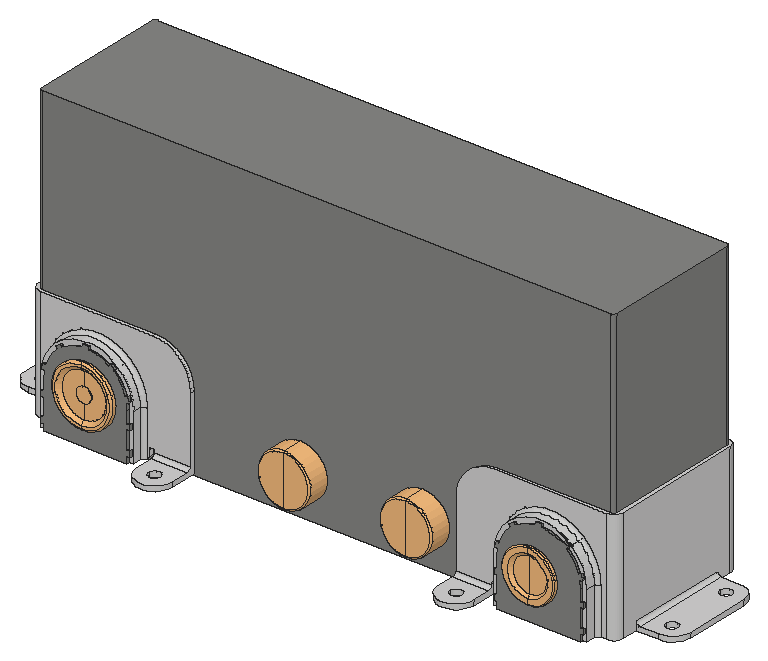
Revit family "Valve-Three_Outlet_Thermostatic-KOHLER-K-26341IN_1", category Plumbing Fixtures, host Face, Revit 2017 (continued)
Definition of nested family "K-26341IN"
  Automatic sketch dimensions
    curve 143 to curve 145 = 0"  (x2)
    curve 143 to curve 146 = 0"  (x2)
    curve 143 to curve 147 = 0"  (x2)
    curve 143 to curve 148 = 0"  (x2)
    curve 143 to curve 149 = 0"  (x2)
    curve 143 to curve 150 = 0"  (x2)
    curve 144 to curve 145 = 0"  (x2)
    curve 144 to curve 146 = 0"  (x2)
    curve 144 to curve 147 = 0"  (x2)
    curve 144 to curve 148 = 0"  (x2)
    curve 144 to curve 149 = 0"  (x2)
    curve 144 to curve 150 = 0"  (x2)
    curve 145 to curve 146 = 0"  (x2)
    curve 145 to curve 147 = 0"  (x2)
    curve 145 to curve 148 = 0"  (x2)
    curve 145 to curve 149 = 0"  (x2)
    curve 145 to curve 150 = 0"  (x2)
    curve 146 to curve 147 = 0"  (x2)
    curve 146 to curve 148 = 0"  (x2)
    curve 146 to curve 149 = 0"  (x2)
    curve 146 to curve 150 = 0"  (x2)
    curve 147 to curve 148 = 0"  (x2)
    curve 147 to curve 149 = 0"  (x2)
    curve 147 to curve 150 = 0"  (x2)
    curve 148 to curve 149 = 0"  (x2)
    curve 148 to curve 150 = 0"  (x2)
    curve 149 to curve 150 = 0"  (x2)
    curve 204 to curve 205 = 0"  (x2)
    curve 204 to curve 206 = 0"  (x2)
    curve 204 to curve 207 = 0"  (x2)
    curve 205 to curve 206 = 0"  (x2)
    curve 205 to curve 207 = 0"  (x2)
    curve 206 to curve 207 = 0"  (x2)
    curve 212 to curve 213 = 0"  (x2)
    curve 212 to curve 214 = 0"  (x2)
    curve 212 to curve 215 = 0"  (x2)
    curve 213 to curve 214 = 0"  (x2)
    curve 213 to curve 215 = 0"  (x2)
    curve 214 to curve 215 = 0"  (x2)
    curve 49 to plane 10 = 0"
    curve 40 to level = 0"
    curve 38 to plane 9 "1" = 0"
    curve 75 to level = 0"
    plane 20 to curve 215 = 0"
    curve 207 to plane 11 "A" = 0"
    plane 18 "3" to curve 207 = 0"
    curve 140 to plane 10 = 0"
    curve 132 to level = 0"
    plane 8 "2" to curve 149 = 0"
    curve 97 to level = 0"
    curve 146 to plane 11 "A" = 0"
    curve 214 to plane 11 "A" = 0"
    curve 33 to plane 10 = 0"
    curve 58 to plane 9 "1" = 0.04432"
    curve 56 to curve 58 = 0.43249"
    curve 55 to curve 56 = 0.03644"
    curve 54 to curve 56 = 0.09307"
    curve 55 to curve 53 = 0.03644"
    plane 10 to curve 51 = 0.26874"
    curve 51 to curve 54 = 0.24912"
    plane 10 to curve 52 = 0.15414"
    curve 52 to curve 51 = 0.02857"
    level to curve 40 = 0.1378"
    curve 40 to plane 9 "1" = 0.86125"
    curve 44 to curve 40 = 0"
    curve 47 to curve 44 = 0"
    plane 10 to curve 50 = 0.28306"
    curve 50 to curve 53 = 0.05742"
    curve 45 to curve 44 = 0.05906"
    curve 43 to curve 43 = 0.05906"
    plane 10 to curve 70 = 0.00264"
    curve 70 to curve 48 = 0.09843"
    plane 10 to curve 71 = 0.00659"
    curve 71 to curve 70 = 0.07874"
    plane 4 to curve 21 = 0.84646"
    curve 73 to curve 49 = 0"
    curve 72 to curve 73 = 0"
    plane 9 "1" to curve 60 = 0.07379"
    curve 61 to curve 63 = 0.43249"
    curve 61 to curve 63 = 0.03644"
    curve 61 to curve 64 = 0.09307"
    curve 65 to curve 64 = 0.03644"
    plane 10 to curve 68 = 0.26874"
    curve 68 to curve 73 = 0.14067"
    plane 10 to curve 66 = 0.15414"
    curve 65 to curve 66 = 0.02857"
    curve 75 to curve 84 = 0.09843"
    curve 78 to curve 75 = 0"
    plane 10 to curve 67 = 0.28306"
    curve 65 to curve 67 = 0.05742"
    curve 75 to curve 76 = 0.05906"
    curve 82 to curve 82 = 0.05906"
    curve 30 to curve 85 = 0.00197"
    curve 27 to curve 26 = 0.05118"
    curve 24 to curve 24 = 0.05906"
    curve 22 to plane 14 = 0.41339"
    level to curve 28 = 0.01969"
    plane 14 to curve 28 = 0.37402"
    plane 20 to curve 199 = 0.55703"
    curve 200 to curve 196 = 0.01718"
    curve 200 to plane 3 "Center (Left/Right)" = 0.01569"
    curve 199 to curve 197 = 0.01718"
    level to curve 93 = 0.01969"
    plane 17 to curve 93 = 0.37401"
    curve 90 to plane 17 = 0.37402"
    curve 86 to plane 17 = 0.41339"
    curve 89 to curve 89 = 0.05906"
    plane 10 to curve 142 = 0.00659"
    curve 142 to plane 17 = 0.54135"
    curve 142 to curve 95 = 0.00197"
    plane 10 to curve 141 = 0.00264"
    curve 129 to curve 141 = 0.07874"
    curve 130 to curve 139 = 0.03937"
    curve 141 to curve 133 = 0.03937"
    plane 10 to curve 124 = 0.16845"
    curve 130 to curve 124 = 7/128"
    plane 10 to curve 125 = 0.28306"
    curve 123 to curve 125 = 0.02857"
    curve 134 to curve 135 = 0.05906"
    curve 133 to curve 133 = 0.05906"
    curve 130 to curve 140 = 0.09843"
    level to curve 123 = 1.13839"
    plane 10 to curve 125 = 0.26874"
    plane 8 "2" to curve 119 = 0.44389"
    curve 119 to curve 121 = 0.03644"
    curve 119 to curve 120 = 0.09307"
    curve 119 to curve 120 = 0.03644"
    curve 117 to plane 8 "2" = 0.11811"
    curve 129 to curve 106 = 0"
    curve 130 to curve 106 = 0"
    curve 116 to curve 116 = 0.11811"
    curve 114 to curve 113 = 0.43249"
    curve 114 to curve 112 = 0.03644"
    curve 114 to curve 111 = 0.09307"
    curve 110 to curve 111 = 0.03644"
    plane 10 to curve 108 = 0.26874"
    curve 108 to curve 130 = 0.14067"
    plane 10 to curve 109 = 0.15414"
    curve 110 to curve 109 = 0.02857"
    curve 100 to curve 127 = 0.09843"
    curve 100 to curve 97 = 0"
    plane 10 to curve 107 = 0.28306"
    curve 110 to curve 107 = 0.05742"
    curve 101 to curve 102 = 0.05906"
    curve 97 to curve 99 = 0.05906"
    plane 19 to curve 86 = 0.84646"
    level to curve 95 = 0.01969"
    level to curve 30 = 0.01969"
    curve 84 to curve 76 = 0.11811"
    curve 95 to curve 132 = 0.11811"
    curve 97 to curve 98 = 0.1378"
    curve 26 to curve 24 = 0.14564"
    curve 91 to curve 91 = 0.14564"
    curve 75 to curve 78 = 0.11811"
    curve 41 to curve 42 = 0.11811"
    curve 133 to curve 134 = 0.11811"
    curve 98 to curve 99 = 0.11811"
    plane 11 "A" to curve 137 = 0.25591"
    plane 11 "A" to curve 45 = 0.25591"
    plane 11 "A" to curve 80 = 0.25591"
    plane 11 "A" to curve 103 = 0.25591"
    curve 80 to curve 82 = 0.11811"
    curve 102 to curve 103 = 0.11811"
    curve 136 to curve 140 = 0.11811"
    curve 44 to curve 48 = 0.11811"
    plane 10 to curve 88 = 0.61024"
    plane 10 to curve 23 = 0.61024"
    curve 110 to curve 112 = 0.04664"
    curve 65 to curve 62 = 0.04664"
    curve 121 to curve 119 = 0.04664"
    curve 53 to curve 54 = 0.04664"
    curve 114 to curve 115 = 0.05918"
    curve 57 to curve 58 = 0.05918"
    plane 10 to curve 199 = 2.24135"
    curve 198 to curve 200 = 0.38428"
    curve 199 to curve 194 = 0.47517"
    curve 200 to curve 195 = 0.47517"
    curve 194 to curve 197 = 1.1811"
    curve 195 to curve 194 = 1.1811"
    curve 151 to plane 7 = 0.37402"
    plane 4 to curve 151 = 0.94488"
    level to curve 31 = 0.01969"
    curve 31 to curve 74 = 0.32315"
    plane 3 "Center (Left/Right)" to curve 198 = 0.00149"
    plane 19 to curve 151 = 0.94488"
    level to curve 96 = 0.01969"
    curve 131 to curve 96 = 0.32315"
    curve 88 to curve 94 = 0.09843"
    curve 29 to curve 25 = 0.09839"
    level to curve 207 = 0.33465"
    level to curve 212 = 0.33465"
    level to curve 150 = 0.33465"
    level to curve 36 = 0.34445"
    curve 143 to curve 144 = 0.01969"
    curve 204 to curve 206 = 0.02833"
    curve 212 to curve 213 = 0.02833"
    curve 35 to curve 34 = 0.03942"
    curve 37 to curve 38 = 0.05704"
    curve 144 to curve 145 = 0.11308"
    curve 33 to curve 39 = 0.07881"
    curve 145 to curve 146 = 0.05913"
    plane 15 to Extrusion 1 sketch curve = 0"
    Extrusion 1 sketch curve to plane 16 = 0"
    plane 15 to Extrusion 1 sketch curve = 0.07874"  (x2)
    plane 4 to Extrusion 1 sketch curve = 0.94488"
    Extrusion 1 sketch curve to Extrusion 1 sketch curve = 0.07874"  (x2)
    plane 19 to Extrusion 1 sketch curve = 1.02362"
    plane 4 to Extrusion 2 sketch curve = 0.84646"
    level to Extrusion 2 sketch curve = 0.01969"  (x4)
    Extrusion 2 sketch curve to plane 14 = 0.54331"
    Extrusion 2 sketch curve to Extrusion 2 sketch curve = 0.05118"  (x2)
    Extrusion 2 sketch curve to Extrusion 2 sketch curve = 0.05906"  (x2)
    Extrusion 2 sketch curve to plane 14 = 0.41339"
    plane 14 to Extrusion 2 sketch curve = 0.37402"
    plane 17 to Extrusion 2 sketch curve = 0.37401"
    Extrusion 2 sketch curve to plane 17 = 0.37402"
    Extrusion 2 sketch curve to plane 17 = 0.41339"
    plane 19 to Extrusion 2 sketch curve = 0.84646"
    Extrusion 2 sketch curve to Extrusion 2 sketch curve = 0.14564"  (x2)
    plane 10 to Extrusion 2 sketch curve = 0.61024"  (x2)
    Sweep 3 sketch curve to profile plane = 0"  (x2)
    Sweep 3 sketch curve to profile plane = 0.19685"
    Sweep 4 sketch curve to profile plane = 0"  (x2)
    Sweep 4 sketch curve to profile plane = 0.19685"
    profile plane to Sweep 5 sketch curve = 0"
    Sweep 5 sketch curve to profile plane = 0"
    Sweep 5 sketch curve to Sweep 5 sketch curve = 0.19685"
    profile plane to Sweep 6 sketch curve = 0"
    Sweep 6 sketch curve to profile plane = 0"
    Sweep 6 sketch curve to profile plane = 0.19685"
    Extrusion 7 sketch curve to Extrusion 7 sketch curve = 0"  (x12)
    Extrusion 7 sketch curve to plane 4 = 0"
    Extrusion 7 sketch curve to plane 14 = 0"  (x2)
    Extrusion 7 sketch curve to plane 19 = 0"
    plane 4 to Extrusion 7 sketch curve = 0.37402"  (x2)
    Extrusion 7 sketch curve to Extrusion 7 sketch curve = 0.47244"
    Extrusion 7 sketch curve to plane 15 = 0.07874"  (x2)
    Extrusion 7 sketch curve to plane 14 = 0.37401"  (x2)
    Extrusion 7 sketch curve to plane 16 = 0.07874"  (x2)
    plane 17 to Extrusion 7 sketch curve = 0.374"  (x2)
    Extrusion 7 sketch curve to plane 17 = 0"  (x2)
    plane 15 to Extrusion 7 sketch curve = 0.45276"
    plane 19 to Extrusion 7 sketch curve = 0.84646"
    plane 19 to Extrusion 7 sketch curve = 0.37402"  (x2)
    plane 13 to Extrusion 7 sketch curve = 0.07874"  (x2)
    plane 16 to Extrusion 7 sketch curve = 0.45276"  (x2)
    Extrusion 7 sketch curve to Extrusion 7 sketch curve = 0.01969"  (x4)
    Extrusion 7 sketch curve to plane 1 "Center (Front/Back)" = 0.68898"
    plane 12 to Extrusion 7 sketch curve = 0.07874"  (x2)
    level to Extrusion 8 sketch curve = 0.01969"  (x2)
    Extrusion 8 sketch curve to plane 9 "1" = 0.95968"
    plane 10 to Extrusion 8 sketch curve = 0.00264"
    plane 9 "1" to Extrusion 8 sketch curve = 0.01473"
    plane 10 to Extrusion 8 sketch curve = 0.00659"
    Extrusion 8 sketch curve to plane 17 = 0.62009"
    Extrusion 8 sketch curve to plane 8 "2" = 0.17717"
    Extrusion 9 sketch curve to Extrusion 9 sketch curve = 0"  (x66)
    Extrusion 9 sketch curve to level = 0"  (x2)
    Extrusion 9 sketch curve to plane 10 = 0"  (x3)
    Extrusion 9 sketch curve to plane 9 "1" = 0"
    plane 8 "2" to Extrusion 9 sketch curve = 0"
    Extrusion 9 sketch curve to plane 11 "A" = 0"
    Extrusion 9 sketch curve to plane 9 "1" = 0.04432"
    Extrusion 9 sketch curve to Extrusion 9 sketch curve = 0.43249"  (x3)
    Extrusion 9 sketch curve to Extrusion 9 sketch curve = 0.03644"  (x8)
    Extrusion 9 sketch curve to Extrusion 9 sketch curve = 0.09307"  (x4)
    plane 10 to Extrusion 9 sketch curve = 0.26874"  (x4)
    Extrusion 9 sketch curve to Extrusion 9 sketch curve = 0.24912"  (x3)
    plane 10 to Extrusion 9 sketch curve = 0.15414"  (x3)
    Extrusion 9 sketch curve to Extrusion 9 sketch curve = 0.02857"  (x4)
    Extrusion 9 sketch curve to Extrusion 9 sketch curve = 0.01367"
    plane 10 to Extrusion 9 sketch curve = 0.28306"  (x4)
    Extrusion 9 sketch curve to Extrusion 9 sketch curve = 0.05742"  (x3)
    Extrusion 9 sketch curve to Extrusion 9 sketch curve = 0.05906"  (x9)
    plane 9 "1" to Extrusion 9 sketch curve = 0.07379"
    Extrusion 9 sketch curve to plane 14 = 0.7185"
    plane 11 "A" to Extrusion 9 sketch curve = 0.1378"
    Extrusion 9 sketch curve to plane 17 = 0.65946"
    plane 10 to Extrusion 9 sketch curve = 0.16845"
    Extrusion 9 sketch curve to Extrusion 9 sketch curve = 0.0153"
    level to Extrusion 9 sketch curve = 1.13839"
    plane 8 "2" to Extrusion 9 sketch curve = 0.44389"
    Extrusion 9 sketch curve to plane 8 "2" = 0.11811"
    Extrusion 9 sketch curve to Extrusion 9 sketch curve = 0.11811"  (x9)
    Extrusion 9 sketch curve to Extrusion 9 sketch curve = 0.1378"  (x3)
    level to Extrusion 9 sketch curve = 0.1378"
    plane 11 "A" to Extrusion 9 sketch curve = 0.25591"  (x3)
    Extrusion 9 sketch curve to Extrusion 9 sketch curve = 0.04664"  (x4)
    Extrusion 9 sketch curve to Extrusion 9 sketch curve = 0.05918"  (x2)
    Revolve 10 sketch curve to plane 10 = 0"  (x3)
    Revolve 10 sketch curve to plane 13 = 0"
    Revolve 10 sketch curve to plane 12 = 0"
    Revolve 10 sketch curve to plane 15 = 0"
    Revolve 10 sketch curve to plane 16 = 0"
    Revolve 10 sketch curve to plane 12 = 0.07881"
    plane 10 to Revolve 10 sketch curve = 0.46454"  (x2)
    Revolve 10 sketch curve to plane 13 = 0.07881"
    Revolve 10 sketch curve to Revolve 10 sketch curve = 0.07881"  (x2)
    Revolve 10 sketch curve to Revolve 10 sketch curve = 0.05704"  (x2)
    Revolve 10 sketch curve to Revolve 10 sketch curve = 0.03942"
    Revolve 10 sketch curve to Revolve 10 sketch curve = 0.17527"
    Revolve 10 sketch curve to plane 12 = 0.03942"
    Revolve 10 sketch curve to plane 13 = 0.03942"
    plane 5 to Revolve 10 sketch curve = 0.19685"
    Revolve 10 sketch curve to Revolve 10 sketch curve = 0.07874"
    plane 11 "A" to Revolve 11 sketch curve = 0"  (x3)
    Revolve 11 sketch curve to plane 13 = 0.07881"
    plane 10 to Revolve 11 sketch curve = 0.26086"  (x2)
    Revolve 11 sketch curve to plane 12 = 0.07881"
    Revolve 11 sketch curve to plane 12 = 0.01969"
    Revolve 11 sketch curve to Revolve 11 sketch curve = 0.05913"  (x2)
    Revolve 11 sketch curve to plane 13 = 0.01969"
    Revolve 11 sketch curve to Revolve 11 sketch curve = 0.11308"  (x2)
    Revolve 11 sketch curve to plane 13 = 0.04488"
    Revolve 11 sketch curve to Revolve 11 sketch curve = 0.01969"  (x2)
    Revolve 11 sketch curve to Revolve 11 sketch curve = 0.0252"
    Revolve 11 sketch curve to plane 15 = 0.09843"
    Revolve 11 sketch curve to plane 16 = 0.09843"
    plane 5 to Revolve 11 sketch curve = 0.32325"
    Revolve 11 sketch curve to plane 6 = 0.16487"
    profile plane to Sweep 12 sketch curve = 0"
    Sweep 12 sketch curve to profile plane = 0"
    Sweep 12 sketch curve to Sweep 12 sketch curve = 0.07874"
    Sweep 13 sketch curve to profile plane = 0"
    profile plane to Sweep 13 sketch curve = 0"
    profile plane to Sweep 13 sketch curve = 0.07874"
    profile plane to Sweep 14 sketch curve = 0"
    Sweep 14 sketch curve to profile plane = 0"
    Sweep 14 sketch curve to Sweep 14 sketch curve = 0.07874"
    Extrusion 15 sketch curve to plane 16 = 0.15748"
    Extrusion 15 sketch curve to Extrusion 15 sketch curve = 0.07874"  (x2)
    Extrusion 15 sketch curve to plane 15 = 0.07874"
    level to Extrusion 15 sketch curve = 0.11811"  (x2)
    Extrusion 16 sketch curve to plane 16 = 0.15748"
    Extrusion 16 sketch curve to Extrusion 16 sketch curve = 0.07874"  (x2)
    Extrusion 16 sketch curve to plane 15 = 0.07874"
    level to Extrusion 16 sketch curve = 0.11811"  (x2)
    plane 15 to Masking region 1 sketch curve = 0.11811"  (x2)
    Masking region 1 sketch curve to plane 15 = 0.07874"
    Masking region 1 sketch curve to plane 16 = 0.07874"
    Masking region 1 sketch curve to Masking region 1 sketch curve = 0.19685"
    Masking region 1 sketch curve to Masking region 1 sketch curve = 5.93504"  (x2)
    Masking region 2 sketch curve to plane 4 = 0"
    Masking region 2 sketch curve to level = 0"
    Masking region 2 sketch curve to plane 7 = 0"
    plane 19 to Masking region 2 sketch curve = 0"
    level to Masking region 2 sketch curve = 0.11811"  (x2)
    plane 4 to Masking region 2 sketch curve = 0.76772"
    plane 4 to Masking region 2 sketch curve = 0.84646"
    level to Masking region 2 sketch curve = 0.01969"  (x2)
    Masking region 2 sketch curve to Masking region 2 sketch curve = 0.15104"
    Masking region 2 sketch curve to Masking region 2 sketch curve = 0.02612"  (x2)
    plane 4 to Masking region 2 sketch curve = 0.94488"
    plane 19 to Masking region 2 sketch curve = 0.94488"  (x2)
    Masking region 2 sketch curve to Masking region 2 sketch curve = 0.0723"
    Masking region 2 sketch curve to Masking region 2 sketch curve = 0.07874"
    plane 10 to Masking region 2 sketch curve = 1.39764"  (x2)
    Masking region 3 sketch curve to plane 7 = 0"
    Masking region 3 sketch curve to plane 15 = 0"
    Masking region 3 sketch curve to plane 16 = 0"
    Masking region 3 sketch curve to plane 12 = 0"
    Masking region 3 sketch curve to plane 13 = 0"
    Masking region 3 sketch curve to plane 5 = 0"
    Masking region 3 sketch curve to plane 6 = 0"
    Masking region 3 sketch curve to level = 0"
    Masking region 3 sketch curve to plane 15 = 0.07874"
    plane 10 to Masking region 3 sketch curve = 1.39764"  (x2)
    Masking region 3 sketch curve to Masking region 3 sketch curve = 0.33789"  (x2)
    Masking region 3 sketch curve to plane 16 = 0.07874"
    Masking region 3 sketch curve to Masking region 3 sketch curve = 0.07874"  (x3)
    Masking region 3 sketch curve to Masking region 3 sketch curve = 0.04783"  (x2)
    Masking region 3 sketch curve to plane 12 = 0.05906"
    Masking region 3 sketch curve to Masking region 3 sketch curve = 0.27373"
    Masking region 3 sketch curve to plane 13 = 0.09843"
    Masking region 3 sketch curve to Masking region 3 sketch curve = 0.29337"
    Masking region 3 sketch curve to Masking region 3 sketch curve = 0.05906"
    Masking region 3 sketch curve to Masking region 3 sketch curve = 0.03942"
    level to Masking region 3 sketch curve = 0.38387"  (x2)
    Masking region 3 sketch curve to plane 12 = 0.01969"
    Masking region 3 sketch curve to Masking region 3 sketch curve = 0.02954"
    Masking region 3 sketch curve to plane 13 = 0.04488"
    Masking region 3 sketch curve to Masking region 3 sketch curve = 0.04922"
    Masking region 3 sketch curve to Masking region 3 sketch curve = 0.03076"
    Masking region 3 sketch curve to Masking region 3 sketch curve = 0.11811"
    level to Masking region 3 sketch curve = 0.11811"
    level to Masking region 3 sketch curve = 0.01969"  (x2)
    Masking region 3 sketch curve to plane 12 = 0.03293"
    Masking region 3 sketch curve to Masking region 3 sketch curve = 0.02612"  (x2)
    Masking region 3 sketch curve to Masking region 3 sketch curve = 0.03937"  (x2)
    Masking region 3 sketch curve to Masking region 3 sketch curve = 0.05354"
    Masking region 3 sketch curve to plane 13 = 0.05906"
    Masking region 3 sketch curve to plane 13 = 0.03942"
    curve 173 to plane 16 = 0"
    curve 173 to plane 15 = 0"
    curve 191 to plane 13 = 0"
    curve 172 to plane 12 = 0"
    curve 178 to plane 1 "Center (Front/Back)" = 0"
    curve 177 to level = 0"
    curve 179 to level = 0"
    curve 158 to level = 0"
    curve 160 to level = 0"
    curve 160 to plane 15 = 0"
    curve 179 to plane 16 = 0"
    level to curve 159 = 0.01969"
    curve 208 to curve 208 = 0.1381"
    curve 155 to curve 155 = 0.13977"
    curve 191 to plane 13 = 0.03942"
    curve 191 to curve 176 = 0.32476"
    curve 152 to plane 15 = 0.07874"
    plane 10 to curve 152 = 1.39764"
    curve 157 to plane 12 = 0.1378"
    plane 15 to curve 208 = 0.32889"
    curve 208 to curve 209 = 0.06193"
    plane 16 to curve 155 = 0.45276"
    curve 155 to curve 211 = 0.06314"
    curve 175 to plane 16 = 0.07874"
    curve 176 to plane 13 = 0.1378"
    level to curve 174 = 0.01969"
    curve 192 to curve 177 = 0.01969"
    curve 155 to curve 154 = 0.04134"
    curve 161 to curve 157 = 0.11811"
    curve 180 to curve 192 = 0.11811"
    curve 193 to curve 181 = 0.08854"
    curve 162 to plane 12 = 0.05906"
    curve 162 to curve 161 = 0.11811"
    curve 171 to plane 12 = 0.03942"
    curve 171 to curve 162 = 0.083"
    curve 172 to curve 171 = 0.00554"
    curve 172 to curve 172 = 0.03942"
    curve 191 to curve 190 = 0.03942"
    curve 182 to plane 13 = 0.09843"
    plane 11 "A" to curve 182 = 0.25591"
    curve 163 to curve 172 = 0.24605"
    curve 164 to curve 163 = 0.11811"
    curve 183 to curve 182 = 0.11811"
    plane 10 to curve 184 = 0.15414"
    plane 10 to curve 165 = 0.15414"
    curve 185 to curve 184 = 0.01432"
    curve 166 to curve 165 = 0.01432"
    curve 167 to curve 166 = 0.1146"
    curve 186 to curve 185 = 0.1146"
    curve 190 to curve 186 = 0.35675"
    curve 171 to curve 167 = 0.35675"
    curve 168 to curve 171 = 0.01255"
    curve 187 to curve 190 = 0.01255"
    curve 169 to curve 168 = 0.04664"
    curve 188 to curve 187 = 0.04664"
    curve 170 to curve 169 = 0.07272"
    curve 189 to curve 188 = 0.07272"
    curve 158 to curve 170 = 0.16146"
    curve 177 to curve 189 = 0.16146"
    curve 157 to curve 158 = 0.04783"
    curve 176 to curve 177 = 0.04783"
    curve 173 to plane 7 = 0.26084"
    plane 12 to curve 174 = 0.12123"
    curve 160 to plane 15 = 0.02811"
    curve 179 to plane 16 = 0.02811"
    plane 13 to curve 192 = 0.12123"
    plane 15 to Extrusion 17 sketch curve = 0"
    Extrusion 17 sketch curve to plane 16 = 0"
    plane 4 to Extrusion 17 sketch curve = 0.94488"
    plane 19 to Extrusion 17 sketch curve = 0.94488"
    Extrusion 18 sketch curve to level = 0"  (x2)
    Extrusion 18 sketch curve to plane 9 "1" = 0.86125"
    plane 10 to Extrusion 18 sketch curve = 0.00545"  (x2)
    plane 9 "1" to Extrusion 18 sketch curve = 0.01473"
    plane 8 "2" to Extrusion 18 sketch curve = 0.69882"
    Extrusion 18 sketch curve to plane 8 "2" = 0.17717"
    plane 15 to Extrusion 19 sketch curve = 0"  (x2)
    Extrusion 19 sketch curve to plane 16 = 0"  (x2)
    Extrusion 19 sketch curve to plane 16 = 0.07874"  (x2)
    plane 4 to Extrusion 19 sketch curve = 0.84646"
    Extrusion 19 sketch curve to Extrusion 19 sketch curve = 0.09843"  (x2)
    plane 14 to Extrusion 19 sketch curve = 0.37402"  (x2)
    plane 17 to Extrusion 19 sketch curve = 0.37401"  (x2)
    plane 19 to Extrusion 19 sketch curve = 0.94488"
    Extrusion 19 sketch curve to plane 15 = 0.07874"
    Extrusion 19 sketch curve to Extrusion 19 sketch curve = 0.07874"
    Extrusion 20 sketch curve to Extrusion 20 sketch curve = 0"  (x16)
    Extrusion 20 sketch curve to plane 4 = 0"
    Extrusion 20 sketch curve to plane 5 = 0"  (x2)
    plane 6 to Extrusion 20 sketch curve = 0"  (x2)
    Extrusion 20 sketch curve to plane 19 = 0"
    plane 4 to Extrusion 20 sketch curve = 0.37402"  (x2)
    Extrusion 20 sketch curve to Extrusion 20 sketch curve = 0.47244"
    Extrusion 20 sketch curve to plane 14 = 0.37401"  (x2)
    Extrusion 20 sketch curve to plane 16 = 0.07874"  (x2)
    plane 14 to Extrusion 20 sketch curve = 0"  (x2)
    plane 14 to Extrusion 20 sketch curve = 0.37402"  (x2)
    plane 17 to Extrusion 20 sketch curve = 0.374"  (x2)
    Extrusion 20 sketch curve to plane 17 = 0"  (x2)
    Extrusion 20 sketch curve to plane 15 = 0.07874"  (x2)
    Extrusion 20 sketch curve to plane 17 = 0.37402"  (x2)
    plane 19 to Extrusion 20 sketch curve = 0.84646"
    plane 19 to Extrusion 20 sketch curve = 0.37402"  (x2)
    plane 13 to Extrusion 20 sketch curve = 0.07874"  (x2)
    plane 16 to Extrusion 20 sketch curve = 0.45276"  (x2)
    Extrusion 20 sketch curve to Extrusion 20 sketch curve = 0.35433"  (x4)
    Extrusion 20 sketch curve to plane 1 "Center (Front/Back)" = 0.70866"  (x2)
    plane 12 to Extrusion 20 sketch curve = 0.07874"  (x2)
    Extrusion 20 sketch curve to Extrusion 20 sketch curve = 0.12598"  (x4)
    Extrusion 20 sketch curve to plane 14 = 0.12598"  (x2)
    plane 17 to Extrusion 20 sketch curve = 0.12597"  (x2)
    Extrusion 21 sketch curve to plane 9 "1" = 0"
    Extrusion 21 sketch curve to plane 10 = 0"
    Extrusion 22 sketch curve to plane 9 "1" = 0"
    plane 8 "2" to Extrusion 22 sketch curve = 0"
    Extrusion 22 sketch curve to plane 11 "A" = 0"
    Extrusion 22 sketch curve to plane 10 = 0"
    level to Extrusion 23 sketch curve = 0.11811"  (x2)
    plane 4 to Extrusion 23 sketch curve = 0.76772"
    Extrusion 23 sketch curve to Extrusion 23 sketch curve = 0.07874"  (x2)
    plane 19 to Extrusion 23 sketch curve = 0.84646"
    Revolve 24 sketch curve to plane 15 = 0"
    Revolve 24 sketch curve to plane 16 = 0"
    plane 11 "A" to Revolve 24 sketch curve = 0"  (x3)
    Revolve 24 sketch curve to plane 13 = 0.01969"
    plane 10 to Revolve 24 sketch curve = 0.42443"  (x2)
    Revolve 24 sketch curve to plane 12 = 0.01969"
    Revolve 24 sketch curve to Revolve 24 sketch curve = 0.02833"  (x3)
    Revolve 24 sketch curve to plane 12 = 0.04801"
    plane 5 to Revolve 24 sketch curve = 1.51581"
    plane 6 to Revolve 24 sketch curve = 0.49208"
    Sweep 25 sketch curve to profile plane = 0"
    profile plane to Sweep 25 sketch curve = 0"
    profile plane to Sweep 25 sketch curve = 0.07874"
    Extrusion 26 sketch curve to Extrusion 26 sketch curve = 0"  (x4)
    Extrusion 26 sketch curve to plane 11 "A" = 0"  (x2)
    plane 20 to Extrusion 26 sketch curve = 0"
    plane 18 "3" to Extrusion 26 sketch curve = 0"
    level to Extrusion 26 sketch curve = 0.33465"  (x2)
    Revolve 27 sketch curve to plane 15 = 0"
    Revolve 27 sketch curve to plane 16 = 0"
    plane 11 "A" to Revolve 27 sketch curve = 0"  (x3)
    Revolve 27 sketch curve to plane 13 = 0.01969"
    plane 10 to Revolve 27 sketch curve = 0.42443"  (x2)
    Revolve 27 sketch curve to plane 12 = 0.01969"
    Revolve 27 sketch curve to Revolve 27 sketch curve = 0.02833"  (x3)
    Revolve 27 sketch curve to plane 12 = 0.04801"
    plane 5 to Revolve 27 sketch curve = 1.51581"
    plane 6 to Revolve 27 sketch curve = 0.49208"
    curve 216 to Revolve 28 sketch curve = 0.15748"
    Revolve 28 sketch curve to curve 216 = 0.20097"
    curve 216 to Revolve 28 sketch curve = 0.09752"
    curve 216 to Revolve 28 sketch curve = 0.38443"
    Revolve 29 sketch curve to curve 217 = 0"
    Revolve 29 sketch curve to curve 217 = 0.08207"
    Revolve 29 sketch curve to curve 217 = 0.15748"
    Revolve 29 sketch curve to Revolve 29 sketch curve = 0.9252"
    curve 218 to Revolve 30 sketch curve = 0.49049"
    curve 218 to Revolve 30 sketch curve = 0.73125"
    Revolve 30 sketch curve to curve 218 = 0.15748"
    Revolve 30 sketch curve to Revolve 30 sketch curve = 0.07202"
    curve 216 to plane 20 = 0"
    curve 217 to plane 18 "3" = 0"
    curve 218 to plane 8 "2" = 0"
    plane 16 to Masking region 1 sketch curve = 0.11811"
    plane 4 to Masking region 1 sketch curve = 1.04331"
    Masking region 1 sketch curve to Masking region 1 sketch curve = 1.496"
    Masking region 1 sketch curve to Masking region 1 sketch curve = 1.23031"
    Masking region 1 sketch curve to plane 3 "Center (Left/Right)" = 0"
    plane 15 to curve 14 = 0"
    curve 17 to plane 16 = 0"
    plane 16 to curve 16 = 0.07874"
    plane 4 to curve 16 = 0.94488"
    curve 15 to curve 15 = 0.07874"
    plane 19 to curve 14 = 1.02362"
    plane 19 to curve 17 = 1.02362"
    curve 219 to curve 19 = 0.07874"
    radius of Extrusion 7 sketch curve = 0.12598"  (x8)
    radius of Extrusion 9 sketch curve = 0.54335"
    radius of Extrusion 9 sketch curve = 0.41841"
    radius of Extrusion 21 sketch curve = 0.15748"
    radius of Extrusion 22 sketch curve = 0.63981"
    radius of Extrusion 22 sketch curve = 0.55118"
